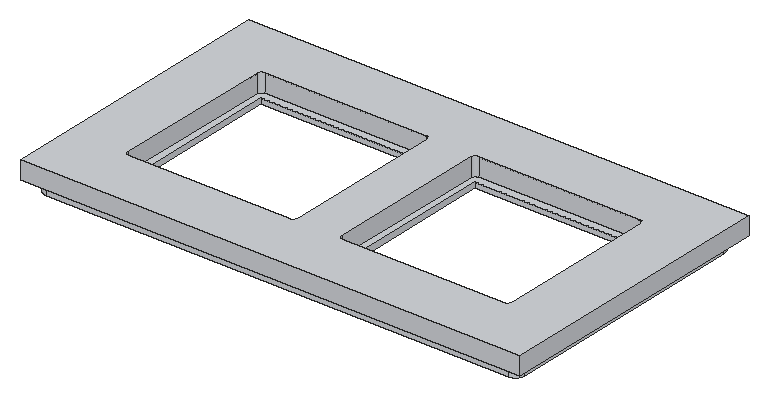
Revit family "Gira_0212217", category Electrical Fixtures, host Face, Revit 2017
Family settings
  Host = Face
  Maintain Annotation Orientation = No
  Round Connector Dimension = Use Diameter
  Part Type = Normal
  Cut with Voids When Loaded = No
  Shared = No
  Room Calculation Point = No
Parameters (values of type "Cov.fr. 2-g Gira Esprit alum.light gold")
  With mounting grid = "No"
  With hinged lid = "No"
  URL = "http://katalog.gira.de/en/datenblatt.html?artikelnr=0212217"
  Type of fastening = "Clamp mounting"
  Transparent = "No"
  Surface protection = "Other"
  Suitable for wall duct = "No"
  Suitable for flush-mounted installation = "Yes"
  Suitable for floor box = "No"
  Suitable for built-in installation = "No"
  Number of units vertical = "2"
  Number of units horizontal = "2"
  Number of units = "2"
  Name = "Cov.fr. 2-g Gira Esprit alum.light gold"
  Mounting direction = "Horizontal and vertical"
  Material quality = "Aluminium"
  Material = "Metal"
  Manufacturer URL = "https://www.gira.de/"
  Manufacturer = "Gira"
  Label space/information surface = "No"
  Keynote = ""
  HeinzeBIM = "https://bimportal.heinze.de/bim/cov-fr-2-g-gira-esprit-alum-light-gold/b3b87148b31d336f10eda2b225caa380de97c066"
  Halogen free = "No"
  HAN = "0212217"
  GTIN = "4010337015727"
  Description = "Cov.fr.2g Espr. AlGd,Gira Esprit cover frame,aluminium light gold,2-gang,Features:,- Anodised aluminium EV 2. Colour deviations are possible."
  Degree of protection (IP) = "IP20"
  Default Elevation = 1219.2 mm
  Data sheet (1) = "https://katalog.gira.de/en/download.html?artikelnr=0212217"
  Colour = "Aluminium"
  Category = "Cover frame for domestic switching devices"
  BIM (1) = "https://media.stage.bim.site/public/gira/36a6b08/Espr._Rahmen_2fach.rfa"
  Available = "No"
Reference planes
  plane 1 "Center (Front/Back)": y = 0
  plane 2: z = 0
  plane 3 "Center (Left/Right)": x = 0
Forms (mm)
  Extrusion 1, solid, detail levels fine
    sketch origin (0, 0, 0) x (1, 0, 0) y (0, 1, 0)
      loop
        line (-83, 47.5) -> (-83, -47.5) -> (83, -47.5) -> (83, 47.5) -> (-83, 47.5)
      loop
        arc (-63.75, -26.7) -> (-63.311, -27.761) -> (-62.25, -28.2) r 1.5
        line (-62.25, -28.2) -> (-8.85, -28.2)
        arc (-8.85, -28.2) -> (-7.789, -27.761) -> (-7.35, -26.7) r 1.5
        line (-7.35, -26.7) -> (-7.35, 26.7)
        arc (-7.35, 26.7) -> (-7.789, 27.761) -> (-8.85, 28.2) r 1.5
        line (-8.85, 28.2) -> (-62.25, 28.2)
        arc (-62.25, 28.2) -> (-63.311, 27.761) -> (-63.75, 26.7) r 1.5
        line (-63.75, 26.7) -> (-63.75, -26.7)
      loop
        line (63.75, -26.7) -> (63.75, 26.7)
        arc (63.75, 26.7) -> (63.311, 27.761) -> (62.25, 28.2) r 1.5
        line (62.25, 28.2) -> (8.85, 28.2)
        arc (8.85, 28.2) -> (7.789, 27.761) -> (7.35, 26.7) r 1.5
        line (7.35, 26.7) -> (7.35, -26.7)
        arc (7.35, -26.7) -> (7.789, -27.761) -> (8.85, -28.2) r 1.5
        line (8.85, -28.2) -> (62.25, -28.2)
        arc (62.25, -28.2) -> (63.311, -27.761) -> (63.75, -26.7) r 1.5
    from 0 to 6
  Extrusion 2, solid, detail levels fine
    sketch origin (0, 0, 0) x (1, 0, 0) y (0, 1, 0)
      loop
        line (-61.45, -25.7) -> (-9.65, -25.7) -> (-9.65, 25.7) -> (-61.45, 25.7) -> (-61.45, -25.7)
      loop
        line (61.45, 25.7) -> (9.65, 25.7) -> (9.65, -25.7) -> (61.45, -25.7) -> (61.45, 25.7)
      loop
        arc (-78.454, -41.3) -> (-77.927, -42.573) -> (-76.654, -43.1) r 1.8
        line (-76.654, -43.1) -> (76.654, -43.1)
        arc (76.654, -43.1) -> (77.927, -42.573) -> (78.454, -41.3) r 1.8
        line (78.454, -41.3) -> (78.454, 41.3)
        arc (78.454, 41.3) -> (77.927, 42.573) -> (76.654, 43.1) r 1.8
        line (76.654, 43.1) -> (-76.654, 43.1)
        arc (-76.654, 43.1) -> (-77.927, 42.573) -> (-78.454, 41.3) r 1.8
        line (-78.454, 41.3) -> (-78.454, -41.3)
    from -1.9 to 0
  Extrusion 3, solid, detail levels fine
    sketch origin (0, 0, 0) x (1, 0, 0) y (0, 1, 0)
      loop
        arc (-76.75, 44.4) -> (-78.871, 43.521) -> (-79.75, 41.4) r 3
        line (-79.75, 41.4) -> (-79.75, -41.4)
        arc (-79.75, -41.4) -> (-78.871, -43.521) -> (-76.75, -44.4) r 3
        line (-76.75, -44.4) -> (76.75, -44.4)
        arc (76.75, -44.4) -> (78.871, -43.521) -> (79.75, -41.4) r 3
        line (79.75, -41.4) -> (79.75, 41.4)
        arc (79.75, 41.4) -> (78.871, 43.521) -> (76.75, 44.4) r 3
        line (76.75, 44.4) -> (-76.75, 44.4)
      loop
        arc (-78.55, -41.4) -> (-78.023, -42.673) -> (-76.75, -43.2) r 1.8
        line (-76.75, -43.2) -> (76.75, -43.2)
        arc (76.75, -43.2) -> (78.023, -42.673) -> (78.55, -41.4) r 1.8
        line (78.55, -41.4) -> (78.55, 41.4)
        arc (78.55, 41.4) -> (78.023, 42.673) -> (76.75, 43.2) r 1.8
        line (76.75, 43.2) -> (-76.75, 43.2)
        arc (-76.75, 43.2) -> (-78.023, 42.673) -> (-78.55, 41.4) r 1.8
        line (-78.55, 41.4) -> (-78.55, -41.4)
    from -3.7 to 0
  Extrusion 4, solid, detail levels medium
    sketch origin (0, 0, 0) x (1, 0, 0) y (0, 1, 0)
      loop
        line (-83, 47.5) -> (-83, -47.5) -> (83, -47.5) -> (83, 47.5) -> (-83, 47.5)
    from 0 to 6
  Extrusion 5, solid, detail levels medium
    sketch origin (0, 0, 0) x (1, 0, 0) y (0, 1, 0)
      loop
        line (-79.75, 44.4) -> (-79.75, -44.4) -> (79.75, -44.4) -> (79.75, 44.4) -> (-79.75, 44.4)
    from -3.7 to 0
  Extrusion 6, solid, detail levels coarse
    sketch origin (0, 0, 0) x (1, 0, 0) y (0, 1, 0)
      loop
        line (-83, 47.5) -> (-83, -47.5) -> (83, -47.5) -> (83, 47.5) -> (-83, 47.5)
    from -3.7 to 6
Dimensions and locks
  aligned and locked: plane 2 to host face
  aligned and locked: level to host face
